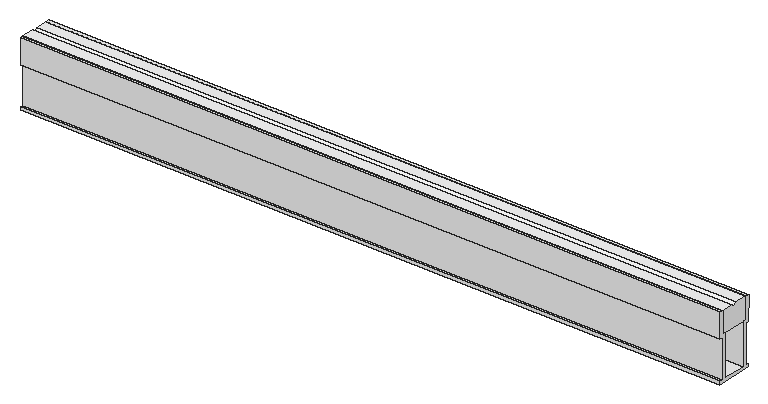
Revit family "4070748+4070745 Feilo Sylvania Lighting Fixture CURSUS 591MM 385LM WIDE LED 4K with FRAMED ROUGH IN HOUSING", category Lighting Fixtures, host Face, Revit 2017
Family settings
  Host = Face
  Round Connector Dimension = Use Diameter
  Part Type = Normal
  OmniClass Number = 23.80.70.14
  OmniClass Title = Luminaries for External Lighting
  Cut with Voids When Loaded = Yes
  Light Source = Yes
  Shared = No
  Room Calculation Point = No
Parameters (values of type "4070748 CURSUS 591MM 385LM WIDE LED 4K")
  Width = 30 mm
  Weight = "1.2 kg"
  Wattage Comments = "n/a"
  Wattage = 9 W
  WarrantyStartDate [instance] = "n/a"
  WarrantyGuarantorParts = "n/a"
  WarrantyDurationUnit = "n/a"
  WarrantyDurationParts = "n/a"
  WarrantyDescription = "n/a"
  built-in parameter 1150110 = 1 (stored number, unit not read)
  Voltage = 24 V
  URL = "http://www.sylvania-lighting.com"
  TypeName = "CURSUS 591MM 385LM WIDE LED 4K"
  Type Image = <None>
  Type Comments = "n/a"
  built-in parameter 1114217 = 1 (stored number, unit not read)
  Tilt Angle = -90.00°
  built-in parameter 1150109 = 1 (stored number, unit not read)
  built-in parameter 1150134 = 12
  built-in parameter 1150113 = 1 (stored number, unit not read)
  SerialNumber [instance] = "n/a"
  Material_3_FEILO = none
  PowerFactor = 0
  PowerConsumption = "9 W"
  Photometric Web File = "4070748.ies"
  NominalLength = 591 mm
  NominalHeight = 50 mm
  NominalDepth = Width  # 30 mm
  Name = "CURSUS 591MM 385LM WIDE LED 4K"
  ModelReference = Name  # "CURSUS 591MM 385LM WIDE LED 4K"
  ModelNumber = "4070748"
  Model = Name  # "CURSUS 591MM 385LM WIDE LED 4K"
  Material = "natural anodised extruded aluminium structure housing"
  ManufacturerName = "Feilo Sylvania"
  Manufacturer = "Feilo Sylvania"
  LuminousEfficacy = "42.77 lm/W"
  built-in parameter 1150105 = 212.47 (stored number, unit not read)
  Lumens = 385 lm
  LuminaireType = ""
  built-in parameter 1150115 = 1 (stored number, unit not read)
  LightOutputRatio = "100"
  built-in parameter 1150137 = (empty or 0)
  built-in parameter 1150139 = (empty or 0)
  LengthVoidExtrusionRight [instance] = if(EndCapRight, Length / 2, Length / 2 - 2.5 mm)  # 296 mm
  LengthVoidExtrusionLeft [instance] = if(EndCapLeft, Length / 2, Length / 2 - 2.5 mm)  # 296 mm
  Length = 597 mm
  LampsType = Lamp  # "LED"
  LampNominalLuminous = "385 lm"
  LampMacAdamStep = "n/a"
  LampColourTemperature = "4000 K"
  LampColourRenderingIndex = "80"
  built-in parameter 1150112 = 1 (stored number, unit not read)
  built-in parameter 1150114 = 1 (stored number, unit not read)
  Lamp = "LED"
  Keynote = "16500"
  InstallationDate [instance] = "n/a"
  InputVoltage = "24V DC"
  InputNominalFrequency = "n/a"
  built-in parameter 1150132 = (empty or 0)
  built-in parameter 1150102 = (empty or 0)
  built-in parameter 1150107 = 4000 (stored number, unit not read)
  built-in parameter 1150138 = (empty or 0)
  IngressProtection = "IP67"
  ImpactProtectionIndex = "IK07"
  built-in parameter 1150106 = 2.1247 (stored number, unit not read)
  IfcExportType = "IfcLightFixtureType"
  IfcExportAs = "IfcLightFixtureType"
  ExpectedLife = 50000
  EndCapRight [instance] = no
  EndCapLeft [instance] = no
  Emit from Rectangle Width = Width - 6 mm  # 24 mm
  Emit from Rectangle Length = Length - 6 mm  # 591 mm
  Emit Shape Visible in Rendering = no
  ElectricShockClassification = "Class III"
  built-in parameter 1150104 = 3.9742 (stored number, unit not read)
  DurationUnit = "hours"
  DocumentationLiterature = "http://www.sylvania-lighting.com/product/en-int/products/4070748"
  DimmingControlOptions = "n/a"
  Dimming Lamp Color Temperature Shift = <None>
  Material_2_FEILO = Diffuser-Sylvania-Glow
  Description = "LED Exterior Lighting Recessed Surface Mounted Linear Fixture, Natural anodised extruded aluminium structure. Die-cast aluminium end caps. Installation kit with harmonic steel springs., 385 lm, 9W,  42lm/W, 4000K, CRI80+,non dimmable,IP67, IK07, (HxWxD) 591x50x30mm, 3 step Mac Adam Ellipse, 1.2kg,, Classe III, 21-25V-DC, energy class : A++, A+, A"
  Default Elevation = 1219.2 mm
  CreatedOn = "1/8/2018"
  CreatedBy = ""
  Cost = 0
  Color Filter = 16777215
  built-in parameter 1114216 [instance] = (empty or 0)
  ClassificationValue = "EF_70_80"
  ClassificationName = "Uniclass2015"
  Material_1_FEILO = Body-Sylvania-Gray
  BarCode [instance] = "n/a"
  built-in parameter 1114218 = 1 (stored number, unit not read)
  built-in parameter 1150133 = 10 (stored number, unit not read)
  AssetType = "Fixed"
  AssetIdentifier [instance] = "n/a"
  Assembly Code = "D5020200"
  Apparent Load = 9 VA
  Material_4_FEILO = Diffuser-Sylvania-Glow
Reference planes
  plane 1 "Center (Front/Back)": y = 0
  plane 2: z = 0
  plane 3 "Center (Left/Right)": x = 0
  plane 4: y = 15
  plane 5: y = -15
  plane 6: x = 298.5
  plane 7: x = -298.5
  plane 8: x = -296
  plane 9: y = 12.5
  plane 10: y = -12.5
  plane 11: x = 296
  plane 12: z = -55
  plane 13: z = -52.5
  plane 14: z = -2
  plane 15: y = -10
  plane 16: z = -18
  plane 17: z = -20.5
  plane 18: y = 10
Forms (mm)
  Extrusion 1, solid, material "Body-Sylvania-Gray" <- "Material_1_FEILO"
    sketch origin (0, 0, -32.5) x (0, 1, 0) y (0, 0, 1)
      loop
        line (15, -22.5) -> (15, -20) -> (12.5, -20) -> (12.5, 12) -> (15, 12) -> (15, 32.5) -> (12.5, 32.5) -> (12.5, 14.5) -> (10, 14.5) -> (10, -20) -> (-10, -20) -> (-10, 14.5) -> (-12.5, 14.5) -> (-12.5, 32.5) -> (-15, 32.5) -> (-15, 12) -> (-12.5, 12) -> (-12.5, -20) -> (-15, -20) -> (-15, -22.5) -> (15, -22.5)
    from -296 to 296
  Extrusion 2, solid, material "Body-Sylvania-Gray" <- "Material_1_FEILO", visible <- "EndCapRight"
    sketch origin (298.5, 1524, 1219.2) x (0, 1, 0) y (0, 0, 1)
      loop
        line (-1539, -1274.2) -> (-1509, -1274.2) -> (-1509, -1219.2) -> (-1539, -1219.2) -> (-1539, -1274.2)
    from 0 to -2.5
  Extrusion 3, solid, material "Body-Sylvania-Gray" <- "Material_1_FEILO", visible <- "EndCapLeft"
    sketch origin (-298.5, 1524, 1219.2) x (0, 1, 0) y (0, 0, 1)
      loop
        line (-1539, -1274.2) -> (-1509, -1274.2) -> (-1509, -1219.2) -> (-1539, -1219.2) -> (-1539, -1274.2)
    from 0 to 2.5
  Extrusion 4, solid, material "Diffuser-Sylvania-Glow" <- "Material_2_FEILO"
    sketch origin (0, 0, 0) x (0, 1, 0) y (0, 0, 1)
      loop
        line (-12.5, 0) -> (-12.5, -18) -> (12.5, -18) -> (12.5, 0) -> (2, 0) -> (0, -2) -> (-2, 0) -> (-12.5, 0)
    from -296 to 296
  Extrusion 5, void
    sketch origin (0, 0, 0) x (1, 0, 0) y (0, 1, 0)
      loop
        line (-296, 15) -> (-296, -15) -> (296, -15) -> (296, 15) -> (-296, 15)
    from 0 to -55
Dimensions and locks
  equal spacing: plane 5, plane 1 "Center (Front/Back)", plane 4
  equal spacing: plane 7, plane 3 "Center (Left/Right)", plane 6
  "Length": plane 7 to plane 6
  equal spacing: plane 8, plane 3 "Center (Left/Right)", plane 11
  equal spacing: plane 10, plane 1 "Center (Front/Back)", plane 9
  locked: plane 5 to plane 10 at 2.5
  "Width": plane 5 to plane 4
  locked: plane 2 to plane 12 at 55
  locked: plane 12 to plane 13 at 2.5
  "LengthVoidExtrusionLeft": Extrusion 5 sketch curve to plane 3 "Center (Left/Right)"
  "LengthVoidExtrusionRight": plane 3 "Center (Left/Right)" to Extrusion 5 sketch curve
  plane 2 to plane 14 = 2 mm
  locked: plane 7 to plane 8 at 2.5
  locked: plane 2 to plane 16 at 18
  locked: plane 17 to plane 16 at 2.5
  equal spacing: plane 15, plane 1 "Center (Front/Back)", plane 18
  locked: plane 10 to plane 15 at 2.5
  locked: plane 14 to Extrusion 4 sketch curve (angle 45.00°)
  locked: Extrusion 4 sketch curve to plane 14 (angle 45.00°)
  aligned and locked: plane 2 to host face
  aligned and locked: level to host face
  aligned and locked: plane 4 to Extrusion 1 sketch curve
  aligned and locked: Extrusion 1 sketch curve to plane 5
  aligned and locked: plane 10 to Extrusion 1 sketch curve  (x2)
  aligned and locked: Extrusion 1 sketch curve to plane 9  (x2)
  aligned and locked: plane 8 to Extrusion 3
  aligned and locked: Extrusion 3 to plane 7
  aligned and locked: Extrusion 4 to plane 8
  aligned and locked: plane 11 to Extrusion 4
  aligned and locked: imposter light to plane 1 "Center (Front/Back)"
  aligned and locked: plane 3 "Center (Left/Right)" to imposter light
  aligned and locked: plane 12 to Extrusion 1
  aligned and locked: Extrusion 1 to plane 13
  aligned and locked: level to Extrusion 1  (x2)
  aligned and locked: plane 2 to imposter light
  aligned and locked: plane 11 to Extrusion 1
  aligned and locked: Extrusion 1 to plane 8
  aligned and locked: plane 12 to Extrusion 3 sketch curve
  aligned and locked: plane 5 to Extrusion 3 sketch curve
  aligned and locked: Extrusion 3 sketch curve to plane 4
  aligned and locked: Extrusion 2 sketch curve to plane 4
  aligned and locked: plane 5 to Extrusion 2 sketch curve
  aligned and locked: plane 12 to Extrusion 2 sketch curve
  aligned and locked: plane 9 to Extrusion 4 sketch curve
  aligned and locked: Extrusion 4 sketch curve to plane 10
  aligned and locked: Extrusion 5 sketch curve to plane 4
  aligned and locked: plane 5 to Extrusion 5 sketch curve
  aligned and locked: Extrusion 5 to Extrusion 1
  aligned and locked: level to Extrusion 5
  aligned and locked: plane 14 to Extrusion 4 sketch curve
  aligned and locked: Extrusion 4 sketch curve to plane 16
  aligned and locked: Extrusion 1 sketch curve to Extrusion 1 sketch curve  (x3)
  aligned and locked: Extrusion 1 sketch curve to Extrusion 4
  aligned and locked: plane 15 to Extrusion 1 sketch curve
  aligned and locked: plane 17 to Extrusion 1 sketch curve
  aligned and locked: plane 5 to Extrusion 1 sketch curve
  aligned and locked: Extrusion 1 sketch curve to plane 16
  aligned and locked: plane 18 to Extrusion 1 sketch curve
  aligned and locked: Extrusion 1 sketch curve to plane 17
  aligned and locked: Extrusion 1 sketch curve to Extrusion 2
Automatic sketch dimensions
  host sketch curve to host sketch curve = 2438.4 mm  (x2)
  Extrusion 3 sketch curve to level = 0 mm
  Extrusion 2 sketch curve to level = 0 mm
  Extrusion 4 sketch curve to level = 0 mm  (x2)
  Extrusion 4 sketch curve to plane 1 "Center (Front/Back)" = 0 mm
  plane 12 to Extrusion 1 sketch curve = 0 mm
  plane 13 to Extrusion 1 sketch curve = 0 mm
  Extrusion 1 sketch curve to level = 0 mm  (x2)
Connectors
  electrical at (0, 0, 0), driven by "Apparent Load", driven by "PowerFactor", driven by "Voltage"
    settings: index 1, voltage 24 V, apparent load 9 VA, apparent load phase1 0 VA, apparent load phase2 0 VA, apparent load phase3 0 VA, power factor 0, load classification "Lighting", number of poles 1, system type 30, power factor state 1, is connector primary yes, connector utility no, sub classification motor no, connector description ""
